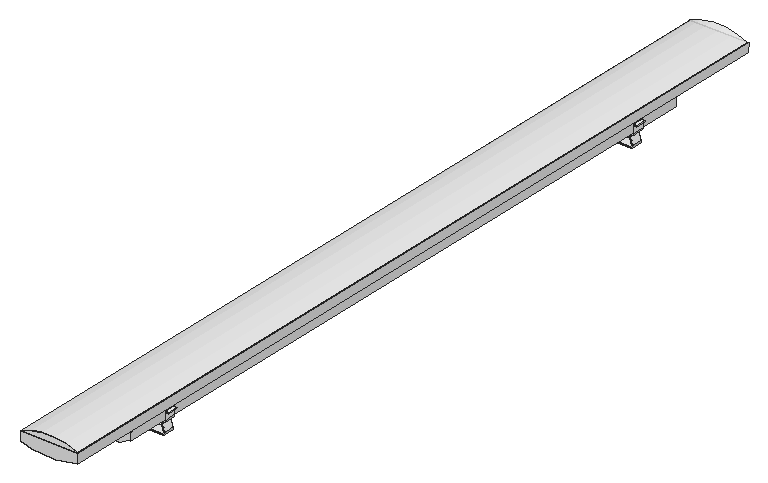
Revit family "Lighting-Industrial-GEWISS-SMART[3]PLUS-HLO-WATERTIGHT-LED-EMERGENCY_OPAL_1600mm", category Apparecchi per illuminazione, host Superficie, Revit 2019
Family settings
  Host = Superficie
  Quota connettore circolare = Usa diametro
  Tipo di parte = Normale
  Numero OmniClass = 23.80.70.11
  Titolo OmniClass = Luminaries for Internal Lighting
  Taglio con vuoti quando caricato = No
  Sorgente d'illuminazione = No
  Condiviso = No
  Punto di calcolo locali = No
Parameters (values of type "GWS3325BP957 - SMART3 PLUS 1600 EMERG DT1+DT6 HO OPAL 9 57")
  Working temperature = "ND"
  Weight (kg): = ""
  Warranty = "ND"
  Voltage = "220-240 V "
  Version file RFA = "20.0"
  URL = "https://www.gewiss.com/ww/en"
  Typology = ""
  Type of light source = "LED - Not replaceable"
  Technical sheet = "https://www.gewiss.com/ww/en/search?q=GWS3325BP957"
  System power = "50 W"
  Struttura = GEWISS - SMART 3 - GRIGIO
  Stampa 1_200 = no
  Stampa 1_100 = not(Stampa 1_200)  # yes
  Spostamento_Y_etichetta [instance] = 0 mm
  Spostamento_Y_effettivo_etichetta [instance] = 1500 mm - Spostamento_Y_etichetta  # 1500 mm
  Spostamento_X_etichetta [instance] = 0 mm
  Spostamento_X_effettivo_etichetta [instance] = 1500 mm - Spostamento_X_etichetta  # 1500 mm
  Shock resistance = "IK08"
  Shield type = "Opal"
  Schermo. = Gewiss - Led Acceso
  SEO = "Ceiling"
  Realized by GEWISS S.p.A. = ""
  Default Elevation = 1219.2 mm
  Produttore = "GEWISS S.p.A."
  Operating temperature: = "ND"
  Nominal flux (lm) = ""
  No. LED (#) = ""
  Modello = "GWS3325BP957"
  Lunghezza Lampada = 1600 mm  # constant formula
  Lumen output (lm) = "6600"
  Length = "1600 mm"
  Lampada = "LED"
  Lamp = "LED"
  LED LifeTime (L80B20) = ""
  LED Life time (L80B50) = ""
  LED Life time (L70) = ""
  LED Life Time (L90B50) = ""
  Insulation class = "II"
  Immagine tipo = GWS3158P.jpg
  IP degree = "IP66/IP69"
  IFC.TypeObject = ""
  IFC.ExportType = ""
  IFC.ExportAs = ""
  IDT = "42ad88ef-a339-4291-a014-784caecbcb9b"
  IDF = "d25070b9-b82a-4119-b79e-2c293114ceb5"
  Glow Wire Test = "850°C"
  Ganci = GEWISS  - ALLUMINIO
  Failure rate apparecchio (50.000h, Tq=25Â° C) = ""
  Failure rate apparecchio (35.000h, Tq=35Â° C) = ""
  Electrocod = "2434"
  Efficiency class of integrated LEDs = "A ÷ A++"
  EAN code = ""
  Driver type = ""
  Device with reduced surface temperature = ""
  Descrizione = "SMART3 PLUS 1600 EMERG DT1+DT6 HO OPAL 9 57"
  Commenti sul wattaggio = "27W"
  Colour temperature: = "5700 K (CRI > 90)"
  Colour temperature = "5700 K (CRI > 90)"
  Catalogue Range = "SMART[3] PLUS HLO"
  Catalogue = "LIGHTING"
  Carico apparente = 27 VA
  COBie.Tagnumber = ""
  COBie.CreatedOn = ""
  COBie.CreatebBy = ""
  COBie.ComponentRegisterItemID = ""
  COBie.Component.TagNumber = ""
  COBie.Component.Space = ""
  COBie.Component.SerialNumber = ""
  COBie.Component.InstallationDate = ""
  COBie.Component.Description = ""
  COBie.Component.BarCode = ""
  Application = "Indoor"
Types (7, lengths in mm): name | Technical sheet | Modello | Lumen output (lm) | IDT | Descrizione | Commenti sul wattaggio | Colour temperature: | Colour temperature | Carico apparente
  (no name) | "https://www.gewiss.com/ww/en/search?q=GWS3325BP957" | "GWS3325BP957" | "6600" | "42ad88ef-a339-4291-a014-784caecbcb9b" | "SMART3 PLUS 1600 EMERG DT1+DT6 HO OPAL 9 57" | "27W" | "5700 K (CRI > 90)" | "5700 K (CRI > 90)" | 27 VA
  GWS3325BP830 - SMART3 PLUS 1600 EMERG DT1+DT6 HO OPAL 8 30 | "https://www.gewiss.com/ww/en/search?q=GWS3325BP830" | "GWS3325BP830" | "7900" | "339985e0-b822-4fc1-bd39-3a9ba3dc322a" | "SMART3 PLUS 1600 EMERG DT1+DT6 HO OPAL 8 30" | "26W" | "3000 K (CRI > 80)" | "3000 K (CRI > 80)" | 26 VA
  GWS3325BP840 - SMART3 PLUS 1600 EMERG DT1+DT6 HO OPAL 8 40 | "https://www.gewiss.com/ww/en/search?q=GWS3325BP840" | "GWS3325BP840" | "8300" | "fd61bd19-e6df-4b30-b7b4-20fb4d0d4b06" | "SMART3 PLUS 1600 EMERG DT1+DT6 HO OPAL 8 40" | "26W" | "4000 K (CRI > 80)" | "4000 K (CRI > 80)" | 26 VA
  GWS3325BP857 - SMART3 PLUS 1600 EMERG DT1+DT6 HO OPAL 8 57 | "https://www.gewiss.com/ww/en/search?q=GWS3325BP857" | "GWS3325BP857" | "8300" | "1830227d-dbd8-442a-852b-36f5249ab64d" | "SMART3 PLUS 1600 EMERG DT1+DT6 HO OPAL 8 57" | "26W" | "5700 K (CRI > 80)" | "5700 K (CRI > 80)" | 26 VA
  GWS3325BP930 - SMART3 PLUS 1600 EMERG DT1+DT6 HO OPAL 9 30 | "https://www.gewiss.com/ww/en/search?q=GWS3325BP930" | "GWS3325BP930" | "6100" | "b7504d7d-15eb-4489-ba0f-eb5153cddadb" | "SMART3 PLUS 1600 EMERG DT1+DT6 HO OPAL 9 30" | "27W" | "3000 K (CRI > 90)" | "3000 K (CRI > 90)" | 27 VA
  GWS3325BP940 - SMART3 PLUS 1600 EMERG DT1+DT6 HO OPAL 9 40 | "https://www.gewiss.com/ww/en/search?q=GWS3325BP940" | "GWS3325BP940" | "6600" | "17d4a051-7261-422f-827e-8dd64029943a" | "SMART3 PLUS 1600 EMERG DT1+DT6 HO OPAL 9 40" | "27W" | "4000 K (CRI > 90)" | "4000 K (CRI > 90)" | 27 VA
  GWS3325BP957 - SMART3 PLUS 1600 EMERG DT1+DT6 HO OPAL 9 57 | "https://www.gewiss.com/ww/en/search?q=GWS3325BP957" | "GWS3325BP957" | "6600" | "42ad88ef-a339-4291-a014-784caecbcb9b" | "SMART3 PLUS 1600 EMERG DT1+DT6 HO OPAL 9 57" | "27W" | "5700 K (CRI > 90)" | "5700 K (CRI > 90)" | 27 VA
Reference planes
  plane 1 "Centro (Fronte/Retro)": y = 0
  plane 2: z = 0
  plane 3 "Centro (Sinistra/Destra)": x = 0
  plane 4: x = -1500
  plane 5: y = -1500
  plane 6: x = 0
  plane 7: y = 0
Forms (mm)
  Extrusion 1, solid, material "GEWISS  - ALLUMINIO" <- "Ganci", detail levels medium+fine
    sketch origin (0, 0, 0) x (1, 0, 0) y (0, 0, 1)
      loop
        arc (31.431, -0.002) -> (34.576, 1.589) -> (35.156, 5.066) r 3.903
        line (35.156, 5.066) -> (29.612, 23.211)
        arc (29.612, 23.211) -> (29.883, 24.381) -> (31.032, 24.73) r 1.2
        line (31.032, 24.73) -> (34.307, 23.974)
        arc (34.307, 23.974) -> (36.765, 24.53) -> (37.859, 26.8) r 2.9
        line (37.859, 26.8) -> (37.859, 38.8)
        arc (37.859, 38.8) -> (37.648, 39.694) -> (37.059, 40.4) r 2
        line (37.059, 40.4) -> (37.059, 42.71) -> (42.861, 40.598) -> (43.203, 41.538) -> (37.53, 43.603)
        arc (37.53, 43.603) -> (37.019, 43.613) -> (36.605, 43.311) r 0.8
        line (36.605, 43.311) -> (36.306, 26.139)
        arc (36.306, 26.139) -> (35.6, 25.444) -> (34.616, 25.34) r 1.5
        line (34.616, 25.34) -> (31.344, 26.095)
        arc (31.344, 26.095) -> (28.858, 25.335) -> (28.273, 22.802) r 2.6
        line (28.273, 22.802) -> (33.827, 4.636)
        arc (33.827, 4.636) -> (33.449, 2.415) -> (31.438, 1.4) r 2.5
        line (31.438, 1.4) -> (-31.437, 1.4)
        arc (-31.437, 1.4) -> (-33.449, 2.415) -> (-33.827, 4.636) r 2.5
        line (-33.827, 4.636) -> (-28.273, 22.802)
        arc (-28.273, 22.802) -> (-28.858, 25.335) -> (-31.344, 26.095) r 2.6
        line (-31.344, 26.095) -> (-34.616, 25.34)
        arc (-34.616, 25.34) -> (-35.6, 25.444) -> (-36.306, 26.139) r 1.5
        line (-36.306, 26.139) -> (-36.605, 43.311)
        arc (-36.605, 43.311) -> (-37.019, 43.613) -> (-37.53, 43.603) r 0.8
        line (-37.53, 43.603) -> (-43.203, 41.538) -> (-42.861, 40.598) -> (-37.059, 42.71) -> (-37.059, 40.4)
        arc (-37.059, 40.4) -> (-37.648, 39.694) -> (-37.859, 38.8) r 2
        line (-37.859, 38.8) -> (-37.859, 26.8)
        arc (-37.859, 26.8) -> (-36.765, 24.53) -> (-34.307, 23.974) r 2.9
        line (-34.307, 23.974) -> (-31.032, 24.73)
        arc (-31.032, 24.73) -> (-29.883, 24.381) -> (-29.612, 23.211) r 1.2
        line (-29.612, 23.211) -> (-35.156, 5.066)
        arc (-35.156, 5.066) -> (-34.576, 1.589) -> (-31.431, -0.002) r 3.903
        line (-31.431, -0.002) -> (31.431, -0.002)
    from 548.766 to 568.766
  Extrusion 2, solid, material "GEWISS  - ALLUMINIO" <- "Ganci", detail levels medium+fine
    sketch origin (0, 0, 0) x (1, 0, 0) y (0, 0, -1)
      loop
        line (31.431, 0.002) -> (-31.431, 0.002)
        arc (-31.431, 0.002) -> (-34.576, -1.589) -> (-35.156, -5.066) r 3.903
        line (-35.156, -5.066) -> (-29.612, -23.211)
        arc (-29.612, -23.211) -> (-29.883, -24.381) -> (-31.032, -24.73) r 1.2
        line (-31.032, -24.73) -> (-34.307, -23.974)
        arc (-34.307, -23.974) -> (-36.765, -24.53) -> (-37.859, -26.8) r 2.9
        line (-37.859, -26.8) -> (-37.859, -38.8)
        arc (-37.859, -38.8) -> (-37.648, -39.694) -> (-37.059, -40.4) r 2
        line (-37.059, -40.4) -> (-37.059, -42.71) -> (-42.861, -40.598) -> (-43.203, -41.538) -> (-37.53, -43.603)
        arc (-37.53, -43.603) -> (-37.019, -43.613) -> (-36.605, -43.311) r 0.8
        line (-36.605, -43.311) -> (-36.306, -26.139)
        arc (-36.306, -26.139) -> (-35.6, -25.444) -> (-34.616, -25.34) r 1.5
        line (-34.616, -25.34) -> (-31.344, -26.095)
        arc (-31.344, -26.095) -> (-28.858, -25.335) -> (-28.273, -22.802) r 2.6
        line (-28.273, -22.802) -> (-33.827, -4.636)
        arc (-33.827, -4.636) -> (-33.449, -2.415) -> (-31.437, -1.4) r 2.5
        line (-31.437, -1.4) -> (31.438, -1.4)
        arc (31.438, -1.4) -> (33.449, -2.415) -> (33.827, -4.636) r 2.5
        line (33.827, -4.636) -> (28.273, -22.802)
        arc (28.273, -22.802) -> (28.858, -25.335) -> (31.344, -26.095) r 2.6
        line (31.344, -26.095) -> (34.616, -25.34)
        arc (34.616, -25.34) -> (35.6, -25.444) -> (36.306, -26.139) r 1.5
        line (36.306, -26.139) -> (36.605, -43.311)
        arc (36.605, -43.311) -> (37.019, -43.613) -> (37.53, -43.603) r 0.8
        line (37.53, -43.603) -> (43.203, -41.538) -> (42.861, -40.598) -> (37.059, -42.71) -> (37.059, -40.4)
        arc (37.059, -40.4) -> (37.648, -39.694) -> (37.859, -38.8) r 2
        line (37.859, -38.8) -> (37.859, -26.8)
        arc (37.859, -26.8) -> (36.765, -24.53) -> (34.307, -23.974) r 2.9
        line (34.307, -23.974) -> (31.032, -24.73)
        arc (31.032, -24.73) -> (29.883, -24.381) -> (29.612, -23.211) r 1.2
        line (29.612, -23.211) -> (35.156, -5.066)
        arc (35.156, -5.066) -> (34.576, -1.589) -> (31.431, 0.002) r 3.903
    from 548.766 to 568.766
  Extrusion 3, solid, material "GEWISS - SMART 3 - GRIGIO" <- "Struttura", detail levels medium+fine
    sketch origin (0, 0, 0) x (1, 0, 0) y (0, 0, 1)
      loop
        line (-36.331, 55.757) -> (-35.847, 28.018)
        arc (-35.847, 28.018) -> (-33.139, 27.27) -> (-30.416, 26.58) r 129.5
        arc (-30.416, 26.58) -> (-28.066, 25.76) -> (-25.915, 24.506) r 13
        arc (-25.915, 24.506) -> (-24.23, 23.324) -> (-22.521, 22.178) r 99.5
        arc (-22.521, 22.178) -> (-16.401, 19.063) -> (-9.748, 17.365) r 31.146
        line (-9.748, 17.365) -> (12.491, 17.365)
        arc (12.491, 17.365) -> (17.822, 19.098) -> (22.764, 21.745) r 31.646
        arc (22.764, 21.745) -> (24.509, 22.915) -> (26.228, 24.122) r 100
        arc (26.228, 24.122) -> (28.283, 25.313) -> (30.525, 26.095) r 12.5
        arc (30.525, 26.095) -> (33.437, 26.834) -> (36.332, 27.64) r 130
        line (36.332, 27.64) -> (36.824, 55.851)
        arc (36.824, 55.851) -> (24.914, 53.937) -> (12.909, 52.764) r 195.047
        line (12.909, 52.764) -> (-12.909, 52.764)
        arc (-12.909, 52.764) -> (-24.665, 53.905) -> (-36.331, 55.757) r 195.047
    from -650 to 650
  Extrusion 4, solid, material "GEWISS - SMART 3 - GRIGIO" <- "Struttura", detail levels medium+fine
    sketch origin (0, 0, 0) x (1, 0, 0) y (0, 0, 1)
      loop
        line (54.725, 60.184) -> (55.177, 77.445) -> (-55.177, 77.445) -> (-54.725, 60.184)
        arc (-54.725, 60.184) -> (-34.019, 55.332) -> (-12.909, 52.764) r 195.047
        line (-12.909, 52.764) -> (12.909, 52.764)
        arc (12.909, 52.764) -> (34.019, 55.332) -> (54.725, 60.184) r 195.047
    from -800 to 800
  Extrusion 5, solid, material "Gewiss - Led Acceso" <- "Schermo.", detail levels medium+fine
    sketch origin (0, 0, 0) x (1, 0, 0) y (0, 0, 1)
      loop
        arc (54.697, 78.441) -> (-0.014, 90.457) -> (-54.723, 78.429) r 130.5
        arc (-54.723, 78.429) -> (-54.988, 77.838) -> (-54.5, 77.445) r 0.5
        line (-54.5, 77.445) -> (54.479, 77.445)
        arc (54.479, 77.445) -> (54.988, 77.855) -> (54.697, 78.441) r 0.522
    from -800 to 800
  Extrusion 6, solid, material "GEWISS - SMART 3 - GRIGIO" <- "Struttura", detail levels coarse
    sketch origin (0, 0, 0) x (1, 0, 0) y (0, 0, 1)
      loop
        line (-54.5, 90.439) -> (-54.5, 0) -> (54.5, 0) -> (54.5, 90.439) -> (-54.5, 90.439)
    from -800 to 800
Lines and regions (mm)
  Masking region 1
    outline origin (0, 0, 0) x (1, 0, 0) y (0, 1, 0)
      loop
        line (-55.177, 800) -> (-55.177, -800) -> (55.177, -800) -> (55.177, 800) -> (-55.177, 800)
  symbolic lines, style "GEWISS - LIGHT 2D"
    curve 1: line (0, 528.766, 0) -> (0, -511.234, 0)
Dimensions and locks
  plane 4 to plane 3 "Centro (Sinistra/Destra)" = 1500 mm
  "Spostamento_X_effettivo_etichetta": plane 4 to plane 6
  "Spostamento_Y_effettivo_etichetta": plane 7 to plane 5
  plane 1 "Centro (Fronte/Retro)" to plane 5 = 1500 mm
  aligned and locked: plane 2 to host face
  aligned and locked: level to host face
  aligned and locked: Masking region 1 sketch curve to Extrusion 4  (x4)
  aligned and locked: plane 6 to nested 1
  aligned and locked: nested 1 to plane 7
  aligned and locked: curve 1 to plane 3 "Centro (Sinistra/Destra)"
Automatic sketch dimensions
  host sketch curve to host sketch curve = 2438.4 mm  (x2)
  Extrusion 1 sketch curve to Extrusion 1 sketch curve = 0 mm  (x28)
  Extrusion 1 sketch curve to plane 3 "Centro (Sinistra/Destra)" = 43.203 mm
  level to Extrusion 1 sketch curve = 40.598 mm
  Extrusion 1 sketch curve to Extrusion 1 sketch curve = 0.342 mm  (x2)
  Extrusion 1 sketch curve to Extrusion 1 sketch curve = 5.002 mm  (x2)
  Extrusion 1 sketch curve to Extrusion 1 sketch curve = 0.329 mm
  Extrusion 1 sketch curve to Extrusion 1 sketch curve = 0.271 mm  (x2)
  Extrusion 1 sketch curve to Extrusion 1 sketch curve = 0.8 mm  (x2)
  Extrusion 1 sketch curve to Extrusion 1 sketch curve = 0.454 mm  (x2)
  Extrusion 1 sketch curve to Extrusion 1 sketch curve = 1.554 mm
  Extrusion 1 sketch curve to Extrusion 1 sketch curve = 2 mm
  level to Extrusion 1 sketch curve = 5.066 mm  (x2)
  Extrusion 1 sketch curve to Extrusion 1 sketch curve = 1.15 mm
  Extrusion 1 sketch curve to Extrusion 1 sketch curve = 1.346 mm  (x2)
  Extrusion 1 sketch curve to Extrusion 1 sketch curve = 0.343 mm  (x2)
  level to Extrusion 1 sketch curve = 4.636 mm  (x2)
  Extrusion 1 sketch curve to Extrusion 1 sketch curve = 1.329 mm  (x2)
  level to Extrusion 1 sketch curve = 1.4 mm
  Extrusion 1 sketch curve to Extrusion 1 sketch curve = 2.389 mm  (x2)
  Extrusion 1 sketch curve to Extrusion 1 sketch curve = 0.007 mm  (x2)
  Extrusion 1 sketch curve to Extrusion 1 sketch curve = 3.584 mm  (x2)
  Extrusion 1 sketch curve to Extrusion 1 sketch curve = 0.273 mm  (x2)
  plane 3 "Centro (Sinistra/Destra)" to Extrusion 1 sketch curve = 30.759 mm
  Extrusion 1 sketch curve to level = 0.002 mm
  Extrusion 1 sketch curve to Extrusion 1 sketch curve = 0.672 mm
  Extrusion 1 sketch curve to Extrusion 1 sketch curve = 0.9 mm
  level to Extrusion 1 sketch curve = 26.139 mm
  Extrusion 1 sketch curve to Extrusion 1 sketch curve = 0.746 mm
  Extrusion 1 sketch curve to Extrusion 1 sketch curve = 0.2 mm
  Extrusion 1 sketch curve to Extrusion 1 sketch curve = 2.577 mm
  Extrusion 1 sketch curve to Extrusion 1 sketch curve = 18.496 mm
  Extrusion 1 sketch curve to Extrusion 1 sketch curve = 1.169 mm  (x2)
  Extrusion 1 sketch curve to Extrusion 1 sketch curve = 0.799 mm  (x2)
  Extrusion 1 sketch curve to Extrusion 1 sketch curve = 0.609 mm
  Extrusion 1 sketch curve to Extrusion 1 sketch curve = 1.798 mm  (x2)
  Extrusion 1 sketch curve to Extrusion 1 sketch curve = 12 mm
  Extrusion 1 sketch curve to Extrusion 1 sketch curve = 0.94 mm  (x2)
  Extrusion 1 sketch curve to Extrusion 1 sketch curve = 0.14 mm  (x2)
  Extrusion 1 sketch curve to Extrusion 1 sketch curve = 0.309 mm  (x2)
  Extrusion 1 sketch curve to Extrusion 1 sketch curve = 0.312 mm  (x2)
  Extrusion 1 sketch curve to Extrusion 1 sketch curve = 1.148 mm  (x2)
  Extrusion 1 sketch curve to Extrusion 1 sketch curve = 1.339 mm
  Extrusion 1 sketch curve to Extrusion 1 sketch curve = 2.486 mm
  Extrusion 1 sketch curve to Extrusion 1 sketch curve = 0.409 mm  (x2)
  Extrusion 2 sketch curve to Extrusion 2 sketch curve = 0 mm  (x28)
  Extrusion 2 sketch curve to plane 3 "Centro (Sinistra/Destra)" = 43.203 mm
  level to Extrusion 2 sketch curve = 40.598 mm
  Extrusion 2 sketch curve to Extrusion 2 sketch curve = 0.342 mm  (x2)
  Extrusion 2 sketch curve to Extrusion 2 sketch curve = 5.002 mm  (x2)
  Extrusion 2 sketch curve to Extrusion 2 sketch curve = 0.329 mm
  Extrusion 2 sketch curve to Extrusion 2 sketch curve = 0.271 mm  (x2)
  Extrusion 2 sketch curve to Extrusion 2 sketch curve = 0.8 mm  (x2)
  Extrusion 2 sketch curve to Extrusion 2 sketch curve = 0.454 mm  (x2)
  Extrusion 2 sketch curve to Extrusion 2 sketch curve = 1.554 mm
  Extrusion 2 sketch curve to Extrusion 2 sketch curve = 2 mm
  level to Extrusion 2 sketch curve = 5.066 mm  (x2)
  Extrusion 2 sketch curve to Extrusion 2 sketch curve = 1.15 mm
  Extrusion 2 sketch curve to Extrusion 2 sketch curve = 1.346 mm  (x2)
  Extrusion 2 sketch curve to Extrusion 2 sketch curve = 0.343 mm  (x2)
  level to Extrusion 2 sketch curve = 4.636 mm  (x2)
  Extrusion 2 sketch curve to Extrusion 2 sketch curve = 1.329 mm  (x2)
  level to Extrusion 2 sketch curve = 1.4 mm
  Extrusion 2 sketch curve to Extrusion 2 sketch curve = 2.389 mm  (x2)
  Extrusion 2 sketch curve to Extrusion 2 sketch curve = 0.007 mm  (x2)
  Extrusion 2 sketch curve to Extrusion 2 sketch curve = 3.584 mm  (x2)
  Extrusion 2 sketch curve to Extrusion 2 sketch curve = 0.273 mm  (x2)
  plane 3 "Centro (Sinistra/Destra)" to Extrusion 2 sketch curve = 30.759 mm
  Extrusion 2 sketch curve to level = 0.002 mm
  Extrusion 2 sketch curve to Extrusion 2 sketch curve = 0.672 mm
  Extrusion 2 sketch curve to Extrusion 2 sketch curve = 0.9 mm
  level to Extrusion 2 sketch curve = 26.139 mm
  Extrusion 2 sketch curve to Extrusion 2 sketch curve = 0.746 mm
  Extrusion 2 sketch curve to Extrusion 2 sketch curve = 0.2 mm
  Extrusion 2 sketch curve to Extrusion 2 sketch curve = 14.46 mm
  Extrusion 2 sketch curve to Extrusion 2 sketch curve = 0.94 mm  (x2)
  Extrusion 2 sketch curve to Extrusion 2 sketch curve = 0.14 mm  (x2)
  Extrusion 2 sketch curve to Extrusion 2 sketch curve = 2.31 mm  (x2)
  Extrusion 2 sketch curve to Extrusion 2 sketch curve = 12 mm
  Extrusion 2 sketch curve to Extrusion 2 sketch curve = 0.661 mm  (x2)
  Extrusion 2 sketch curve to Extrusion 2 sketch curve = 0.609 mm  (x2)
  Extrusion 2 sketch curve to Extrusion 2 sketch curve = 1.169 mm  (x2)
  Extrusion 2 sketch curve to Extrusion 2 sketch curve = 0.309 mm  (x2)
  Extrusion 2 sketch curve to Extrusion 2 sketch curve = 0.312 mm  (x2)
  Extrusion 2 sketch curve to Extrusion 2 sketch curve = 1.148 mm  (x2)
  Extrusion 2 sketch curve to Extrusion 2 sketch curve = 1.339 mm
  Extrusion 2 sketch curve to Extrusion 2 sketch curve = 2.486 mm
  Extrusion 2 sketch curve to Extrusion 2 sketch curve = 1.365 mm  (x2)
  Extrusion 3 sketch curve to plane 3 "Centro (Sinistra/Destra)" = 36.331 mm
  Extrusion 3 sketch curve to Extrusion 3 sketch curve = 0.484 mm
  Extrusion 3 sketch curve to Extrusion 3 sketch curve = 2.34 mm
  Extrusion 3 sketch curve to plane 3 "Centro (Sinistra/Destra)" = 32.068 mm
  Extrusion 3 sketch curve to plane 3 "Centro (Sinistra/Destra)" = 12.909 mm
  Extrusion 3 sketch curve to plane 3 "Centro (Sinistra/Destra)" = 9.748 mm
  Extrusion 3 sketch curve to plane 3 "Centro (Sinistra/Destra)" = 5.421 mm
  Extrusion 3 sketch curve to plane 3 "Centro (Sinistra/Destra)" = 0.057 mm
  Extrusion 3 sketch curve to plane 3 "Centro (Sinistra/Destra)" = 0.007 mm
  Extrusion 3 sketch curve to plane 3 "Centro (Sinistra/Destra)" = 0.001 mm
  plane 3 "Centro (Sinistra/Destra)" to Extrusion 3 sketch curve = 0.057 mm
  plane 3 "Centro (Sinistra/Destra)" to Extrusion 3 sketch curve = 5.412 mm
  plane 3 "Centro (Sinistra/Destra)" to Extrusion 3 sketch curve = 12.491 mm
  Extrusion 3 sketch curve to Extrusion 3 sketch curve = 7.496 mm
  plane 3 "Centro (Sinistra/Destra)" to Extrusion 3 sketch curve = 32.059 mm
  Extrusion 3 sketch curve to Extrusion 3 sketch curve = 21.008 mm
  Extrusion 3 sketch curve to Extrusion 3 sketch curve = 2.833 mm
  Extrusion 3 sketch curve to Extrusion 3 sketch curve = 23.916 mm
  level to Extrusion 3 sketch curve = 13.953 mm  (x2)
  level to Extrusion 3 sketch curve = 17.365 mm  (x2)
  Extrusion 3 sketch curve to Extrusion 3 sketch curve = 13.687 mm
  Extrusion 3 sketch curve to Extrusion 3 sketch curve = 14.064 mm
  Extrusion 3 sketch curve to Extrusion 3 sketch curve = 30.844 mm
  Extrusion 3 sketch curve to Extrusion 3 sketch curve = 0 mm  (x3)
  Extrusion 3 sketch curve to Extrusion 3 sketch curve = 4.555 mm
  Extrusion 3 sketch curve to Extrusion 3 sketch curve = 2.993 mm
  Extrusion 3 sketch curve to Extrusion 3 sketch curve = 3.087 mm
  Extrusion 3 sketch curve to Extrusion 3 sketch curve = 49.52 mm
  Extrusion 3 sketch curve to Extrusion 3 sketch curve = 49.615 mm
  Extrusion 3 sketch curve to Extrusion 3 sketch curve = 47.089 mm
  Extrusion 3 sketch curve to Extrusion 3 sketch curve = 5.431 mm
  Extrusion 3 sketch curve to Extrusion 3 sketch curve = 4.5 mm
  Extrusion 3 sketch curve to Extrusion 3 sketch curve = 10.273 mm
  Extrusion 3 sketch curve to Extrusion 3 sketch curve = 3.465 mm
  Extrusion 3 sketch curve to Extrusion 3 sketch curve = 4.297 mm
  Extrusion 4 sketch curve to plane 3 "Centro (Sinistra/Destra)" = 55.177 mm
  Extrusion 4 sketch curve to Extrusion 4 sketch curve = 0.452 mm  (x2)
  Extrusion 4 sketch curve to plane 3 "Centro (Sinistra/Destra)" = 12.909 mm
  Extrusion 4 sketch curve to plane 3 "Centro (Sinistra/Destra)" = 0.057 mm
  plane 3 "Centro (Sinistra/Destra)" to Extrusion 4 sketch curve = 0.057 mm
  plane 3 "Centro (Sinistra/Destra)" to Extrusion 4 sketch curve = 12.909 mm
  Extrusion 4 sketch curve to Extrusion 4 sketch curve = 41.816 mm
  level to Extrusion 4 sketch curve = 52.764 mm
  Extrusion 4 sketch curve to Extrusion 4 sketch curve = 7.42 mm  (x2)
  Extrusion 4 sketch curve to Extrusion 4 sketch curve = 17.262 mm
  Extrusion 5 sketch curve to plane 3 "Centro (Sinistra/Destra)" = 0 mm
  Extrusion 5 sketch curve to plane 3 "Centro (Sinistra/Destra)" = 54.5 mm
  plane 3 "Centro (Sinistra/Destra)" to Extrusion 5 sketch curve = 54.479 mm
  Extrusion 5 sketch curve to level = 40.043 mm
  level to Extrusion 5 sketch curve = 77.445 mm
  Extrusion 5 sketch curve to Extrusion 5 sketch curve = 0.5 mm
  Extrusion 5 sketch curve to Extrusion 5 sketch curve = 0.522 mm
  Extrusion 5 sketch curve to Extrusion 5 sketch curve = 0.21 mm
  Extrusion 5 sketch curve to Extrusion 5 sketch curve = 0.014 mm
  Extrusion 5 sketch curve to Extrusion 5 sketch curve = 0 mm
  Extrusion 6 sketch curve to level = 0 mm
  Extrusion 6 sketch curve to plane 3 "Centro (Sinistra/Destra)" = 54.5 mm
  plane 3 "Centro (Sinistra/Destra)" to Extrusion 6 sketch curve = 54.5 mm
  Extrusion 6 sketch curve to Extrusion 6 sketch curve = 90.439 mm
  plane 1 "Centro (Fronte/Retro)" to curve 1 = 511.234 mm
  curve 1 to plane 1 "Centro (Fronte/Retro)" = 528.766 mm
Nested families
  nested 1: "ETICHETTA WATTAGGIO" at (0, 0, 0), type "ETICHETTA WATTAGGIO"
Connectors
  electrical at (0, 0, 0), driven by "Carico apparente"
    settings: on Masking region 1, index 1, voltage 230 V, apparent load 0 VA, apparent load phase1 27 VA, apparent load phase2 0 VA, apparent load phase3 0 VA, power factor 1, load classification "Illuminazione", number of poles 2, system type 31, power factor state 1, is connector primary yes, connector utility no, sub classification motor no, connector description ""
Definition of nested family "ETICHETTA WATTAGGIO"
  Parameters (values of type "ETICHETTA WATTAGGIO")
    GW - Potenza di sistema = ""
    GW - Numero LED = ""
    COMMENTI = "13W"
    1_200 = no
    1_100 = yes
  Reference planes
    plane 1: y = 0
    plane 2: x = 0
  Text (mm)
    label "GW - Potenza di sistema\nGW - Numero LED LED" at (-0.057, -0.214, 0), shows "GW - Potenza di sistema", "GW - Numero LED", visible <- "1_100"
    label "GW - Potenza di sistema\nGW - Numero LED LED " at (-0.057, -0.214, 0), shows "GW - Potenza di sistema", "GW - Numero LED", visible <- "1_200"
